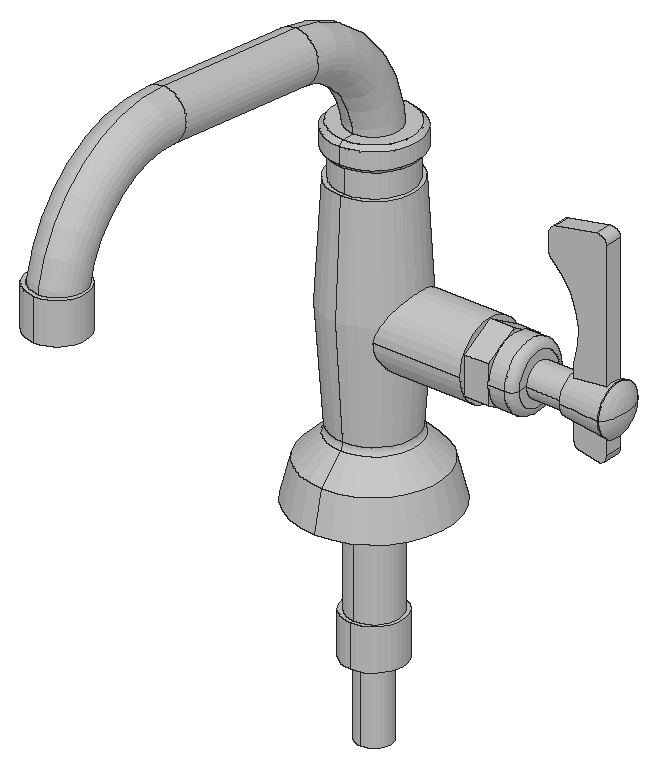
Revit family "Krowne_16-200L_DeckMount_Faucet", category Plumbing Fixtures, Revit 2018
Family settings
  Round Connector Dimension = Use Diameter
  Part Type = Normal
  OmniClass Number = 23.40.40.00
  OmniClass Title = Food Service Equipment and Furnishings
  Work Plane-Based = No
  Always vertical = Yes
  Cut with Voids When Loaded = No
  Shared = No
  Room Calculation Point = No
Parameters (values of type "DefaultType")
  Width = 4 5/8"
  Weight in Pounds = 5
  Watermarked By = ""
  Waste Water Discharge Temperature [instance] = -459.67 °F
  URL Cutsheet = ""
  URL = "https://krowne.com/"
  Status [instance] = ""
  Specification by User [instance] = ""
  Specification by Manufacturer [instance] = ""
  Serial Number [instance] = ""
  Revision Code [instance] = ""
  Plumbing Remarks [instance] = ""
  Plumbing Connection Type = ""
  NAFEM Spec ID Number [instance] = ""
  Model = "16-200L"
  Masterspec [instance] = ""
  Manufacturer = "Krowne Metal"
  KCLRef = "KCL2C9,,0004c5a6-0000-0000-0000-000000000307,KR,16-200L ,637111973020000000,0b5a23dc-0afa-4572-812e-9389d0aafc18,7f86267f-5c40-4964-9441-8f9d0db8d563"
  KCL SpecSheet URL = "http://kclweb.kclcad.com/imagehandler.ashx?kdoc=16-2xxl&R=KR&M=16-200L%20&VC=7&TID=KCLWeb&T=doc"
  Item Number [instance] = "-"
  Installed By [instance] = ""
  Hot Water Temperature = 100 °F
  Height = 3 3/8"
  Furnished By [instance] = ""
  Foodservice Equipment Identifier = yes
  Description = "Deck Mount Faucet"
  Depth = 4 7/16"
  Cold Water Temperature Recommended = -459.67 °F
  Cold Water Size = 1/2"
  Cold Water RI Height [instance] = 0"
  Cold Water Minimum Pressure = 0.00 psi
  Cold Water Maximum Pressure = 0.00 psi
  Cold Water Flow = 1.8 GPM
  Cold Water Consumption = ""
  Cold Water Connection Height = 0"
  CSI MasterFormat = ""
  Assembly Code = "E1090300"
Reference planes (in)
  plane 1 "BACK": y = 0.1875
  plane 2: z = 0
  plane 3 "LEFT": x = -13.69073
  plane 4 "CENTER L/R": x = -12.56573
  plane 5: y = -0.9375
  plane 6: z = 7.375
  plane 7: z = 5.125
  plane 8: y = -6.9375
  plane 9: z = 4.9375
  plane 10: z = 7.0625
  plane 11 "RIGHT": x = -8.87823
Forms (in)
  Sweep 1, solid, material "QF_Stainless-Polished"
    path origin (-12.56573, 0, 0) x (0, 1, 0) y (0, 0, 1)
      loop
        line (-0.9375, 4.375) -> (-0.9375, 4.92096)
        arc (-0.9375, 4.92096) -> (-1.37556, 6.07912) -> (-2.47044, 6.65745) r 1.75
        line (-2.47044, 6.65745) -> (-4.97044, 6.96995)
        arc (-4.97044, 6.96995) -> (-6.34565, 6.5454) -> (-6.9375, 5.23346) r 1.75
        line (-6.9375, 5.23346) -> (-6.9375, 4.9375)
    profile origin (-12.56573, -0.9375, 4.64798) x (0, -1, 0) y (1, 0, 0)
      loop
        circle (0, 0) r 0.375
      loop
        circle (0, 0) r 0.25
  Extrusion 2, solid, material "QF_Stainless-Polished"
    sketch origin (-12.56573, -6.9375, 4.9375) x (0, -1, 0) y (-1, 0, 0)
      loop
        circle (0, 0) r 0.375
      loop
        circle (0, 0) r 0.4375
    from 0 to -0.625
Lines and regions (in)
  symbolic lines
    curve 1: arc (-12.56573, -1.3125, 0) -> (-12.94073, -0.9375, 0) -> (-12.56573, -0.5625, 0) r 0.375
    curve 2: arc (-12.56573, -0.5625, 0) -> (-12.19073, -0.9375, 0) -> (-12.56573, -1.3125, 0) r 0.375
    curve 3: arc (-12.94073, -6.9375, 0) -> (-12.83089, -7.20267, 0) -> (-12.56573, -7.3125, 0) r 0.375
    curve 4: arc (-12.56573, -7.3125, 0) -> (-12.30056, -7.20267, 0) -> (-12.19073, -6.9375, 0) r 0.375
    curve 5: line (-12.94073, -6.9375, 0) -> (-12.94073, -0.9375, 0)
    curve 6: line (-12.19073, -0.9375, 0) -> (-12.19073, -6.9375, 0)
Dimensions and locks (in)
  plane 6 to plane 7 = 2 1/4"
  plane 8 to plane 5 = 6"
  plane 7 to plane 9 = 3/16"
  plane 5 to plane 1 "BACK" = 1 1/8"
  plane 10 to plane 7 = 1 15/16"
  aligned and locked: level to plane 2
  aligned and locked: plane 5 to nested 1
Nested families (in)
  nested 1: "QF_Krowne_16-2_Body" at (-0.1875, 0.1875, 0), type "QF_Krowne_16-2_Body"
Connectors (in)
  piping at (-12.56573, -0.9375, -3.25), diameter 0.5, driven by "Cold Water Flow", driven by "Cold Water Size"
    settings: on nested 1, index 1, connector inside diameter 24", connector length 0", flow factor 0, pipe flow 1.8 GPM, pressure drop 0.00 psi, fitting loss kfactor 0, connector angle 0.00°, fixture units 0, engagement length 0", angle of deflection 0.00°, flow configuration 1, flow direction 1, fitting loss method 0, system type 20, joint type 0, gender type 0, connector reference index -1, connector utility 0, adjustable connector no, is connector primary yes, connector description ""
Definition of nested family "QF_Krowne_16-2_Body"
  Parameters (values of type "QF_Krowne_16-2_Body")
    Width = 2 1/4"
    Watermarked By = ""
    Height = 3 7/8"
    Description = ""
    Depth = 2 1/4"
  Reference planes (in)
    plane 1 "BACK": y = 0
    plane 2: z = 0
    plane 3 "LEFT": x = -13.50323
    plane 4 "RIGHT": x = -11.25323
    plane 5 "Center": x = -12.37823
    plane 6 "FRONT": y = -2.25
    plane 7 "Faucet Handle Center": y = -1.125
    plane 8: z = 4.375
    plane 9: z = 4.75
    plane 10 "TOP": z = 5.125
    plane 11: z = 2.5
    plane 12: x = -10.56573
    plane 13: x = -8.69073
  Forms (in)
    Revolve 1, solid
      sketch origin (-12.37823, 0, 0) x (0, 1, 0) y (0, 0, 1)
        loop
          line (-1.125, 0) -> (0, 0) -> (-0.13978, 0.55911) -> (-0.49693, 0.91626)
          arc (-0.49693, 0.91626) -> (-0.5271, 0.96505) -> (-0.5323, 1.02217) r 0.125
          arc (-0.5323, 1.02217) -> (-0.40613, 2.69753) -> (-0.5, 4.375) r 12.82782
          line (-0.5, 4.375) -> (-1.125, 4.375) -> (-1.125, 0)
        axis (-1.125, 0) -> (-1.125, 4.375)
      angle from 0 to 360
    Revolve 2, solid
      sketch origin (-12.37823, 0, 0) x (0, 1, 0) y (0, 0, 1)
        loop
          line (-1.125, 5.125) -> (-1.125, 4.375) -> (-0.5625, 4.375) -> (-0.5625, 4.75) -> (-0.53067, 4.75) -> (-0.46817, 4.8125) -> (-0.46817, 5.0625) -> (-0.53067, 5.125) -> (-1.125, 5.125)
        axis (-1.125, 4.375) -> (-1.125, 5.125)
      angle from 0 to 360
    Extrusion 3, solid
      sketch origin (-12.37823, 0, 0) x (0, 1, 0) y (0, 0, 1)
        loop
          circle (-1.125, 2.5) r 0.5625
      from 0 to 1.75
    Revolve 4, solid
      sketch origin (-12.37823, 0, 0) x (0, 1, 0) y (0, 0, 1)
        loop
          line (-1.125, 0) -> (-1.125, -3.0198) -> (-0.9375, -3.0198) -> (-0.9375, -3.25) -> (-0.875, -3.25) -> (-0.875, -2.125) -> (-0.6875, -2.125) -> (-0.6875, -1.5) -> (-0.75, -1.5) -> (-0.75, 0) -> (-1.125, 0)
        axis (-1.125, 0) -> (-1.125, -3.25)
      angle from 0 to 360
  Lines and regions (in)
    symbolic lines
      curve 1: line (-10.62823, -0.5625, 1.0625) -> (-10.62823, -1.6875, 1.0625)
      curve 2: circle (-12.37823, -1.125, 0) r 1.125 normal (0, 0, 1)
      curve 3: circle (-12.37823, -1.125, 0) r 0.75 normal (0, 0, 1)
      curve 4: circle (-12.37823, -1.125, 0) r 0.59433 normal (0, 0, 1)
      curve 5: line (-10.62823, -0.5625, 0) -> (-11.40395, -0.5625, 0)
      curve 6: line (-10.62823, -1.6875, 0) -> (-11.40395, -1.6875, 0)
  Dimensions and locks (in)
    "Width": plane 3 "LEFT" to plane 4 "RIGHT"
    equal spacing: plane 3 "LEFT", plane 5 "Center", plane 4 "RIGHT"
    equal spacing: plane 6 "FRONT", plane 7 "Faucet Handle Center", plane 1 "BACK"
    "Depth": plane 6 "FRONT" to plane 1 "BACK"
    equal spacing: plane 10 "TOP", plane 9, plane 8
    locked: plane 10 "TOP" to plane 8 at 0.75
    plane 10 "TOP" to level = 5 1/8"
    plane 11 to level = 2 1/2"
    locked: plane 4 "RIGHT" to plane 12 at 0.6875
    plane 12 to plane 13 = 1 7/8"
    plane 3 "LEFT" to plane 13 = 4 13/16"
    aligned and locked: level to plane 2
    aligned and locked: plane 7 "Faucet Handle Center" to Revolve 1 sketch curve
    aligned and locked: Revolve 2 sketch curve to plane 7 "Faucet Handle Center"
    aligned and locked: Revolve 2 sketch curve to plane 8
    aligned and locked: plane 11 to nested 1
    aligned and locked: plane 7 "Faucet Handle Center" to nested 1
  Automatic sketch dimensions
    Revolve 2 sketch curve to plane 7 "Faucet Handle Center" = 0"
    Revolve 2 sketch curve to plane 9 = 0"
    Revolve 2 sketch curve to plane 10 "TOP" = 0"  (x2)
    Revolve 2 sketch curve to plane 8 = 0"
    plane 1 "BACK" to Revolve 2 sketch curve = 9/16"
    Revolve 2 sketch curve to Revolve 2 sketch curve = 0.03183"
    plane 1 "BACK" to Revolve 2 sketch curve = 0.53067"
    Revolve 2 sketch curve to Revolve 2 sketch curve = 1/16"
    plane 9 to Revolve 2 sketch curve = 1/16"
    Revolve 2 sketch curve to plane 10 "TOP" = 1/16"
    Extrusion 3 sketch curve to plane 7 "Faucet Handle Center" = 0"
    Extrusion 3 sketch curve to plane 11 = 0"
    curve 1 to plane 6 "FRONT" = 9/16"
    Revolve 1 sketch curve to level = 0"  (x2)
    Revolve 1 sketch curve to plane 7 "Faucet Handle Center" = 0"
    Revolve 1 sketch curve to plane 8 = 0"  (x2)
    Revolve 1 sketch curve to plane 1 "BACK" = 0"
    plane 11 to Revolve 1 sketch curve = 0.32111"
    plane 1 "BACK" to Revolve 1 sketch curve = 0.40854"
    plane 1 "BACK" to Revolve 1 sketch curve = 0.13978"
    level to Revolve 1 sketch curve = 0.55911"
    Revolve 1 sketch curve to Revolve 1 sketch curve = 0.44554"
    Revolve 1 sketch curve to Revolve 1 sketch curve = 0.12376"
    Revolve 1 sketch curve to Revolve 1 sketch curve = 0"
    Revolve 1 sketch curve to Revolve 1 sketch curve = 0.03538"
    Revolve 1 sketch curve to Revolve 1 sketch curve = 0.10592"
    curve 2 to curve 3 = 0"
    curve 2 to curve 4 = 0"  (x2)
    curve 3 to curve 4 = 0"
    curve 3 to plane 5 "Center" = 0"
    plane 7 "Faucet Handle Center" to curve 4 = 0"
    curve 5 to plane 4 "RIGHT" = 0.15072"
    curve 6 to plane 4 "RIGHT" = 0.15072"
    curve 6 to plane 12 = 1/16"
    curve 5 to plane 12 = 1/16"
    plane 1 "BACK" to curve 5 = 9/16"
    plane 1 "BACK" to curve 1 = 9/16"
    curve 1 to plane 12 = 1/16"
    Revolve 4 sketch curve to level = 0"  (x2)
    Revolve 4 sketch curve to plane 7 "Faucet Handle Center" = 0"  (x2)
    Revolve 4 sketch curve to plane 7 "Faucet Handle Center" = 3/8"
    Revolve 4 sketch curve to Revolve 4 sketch curve = 1/16"  (x2)
    Revolve 4 sketch curve to level = 1 1/2"
    Revolve 4 sketch curve to Revolve 4 sketch curve = 5/8"
    Revolve 4 sketch curve to Revolve 4 sketch curve = 3/16"
    Revolve 4 sketch curve to Revolve 4 sketch curve = 0.8948"
    Revolve 4 sketch curve to Revolve 4 sketch curve = 0.2302"  (x2)
    radius of Extrusion 3 sketch curve = 9/16"
    radius of curve 3 = 3/4"
    radius of curve 4 = 0.59433"
  Nested families (in)
    nested 1: "QF_Krowne_Faucet_Knob" at (-2.25, -0.21875, 2.5), type "QF_Krowne_Faucet_Knob"
  Definition of nested family "QF_Krowne_Faucet_Knob"
    Parameters (values of type "QF_Krowne_Faucet_Knob")
      Width = 12 3/4"
      Watermarked By = ""
      Height = 3 7/8"
      Description = ""
      Depth = 1 13/16"
    Reference planes (in)
      plane 1 "BACK": y = 0
      plane 2: z = 0
      plane 3 "Right of Handle": x = -8.37823
      plane 4 "FRONT": y = -1.8125
      plane 5 "Faucet Handle Center": y = -0.90625
      plane 6: y = -0.78125
      plane 7: y = -1.03125
    Forms (in)
      Extrusion 1, solid
        sketch origin (-8.37823, 0, 8.37823) x (0, 1, 0) y (0, 0, 1)
          loop
            line (-0.90625, -7.81573) -> (-1.39339, -8.09698) -> (-1.39339, -8.65948) -> (-0.90625, -8.94073) -> (-0.41911, -8.65948) -> (-0.41911, -8.09698) -> (-0.90625, -7.81573)
        from 0 to 0.375
      Revolve 2, solid
        sketch origin (-12.37823, 0, 0) x (0, 1, 0) y (-1, 0, 0)
          loop
            line (-0.90625, -4.375) -> (-0.90625, -4.75) -> (-0.53125, -4.75)
            arc (-0.53125, -4.75) -> (-0.44286, -4.71339) -> (-0.40625, -4.625) r 0.125
            line (-0.40625, -4.625) -> (-0.40625, -4.375) -> (-0.90625, -4.375)
          axis (-0.90625, -4.375) -> (-0.90625, -4.75)
        angle from 0 to 360
      Revolve 3, solid
        sketch origin (-12.37823, 0, 0) x (0, 1, 0) y (-1, 0, 0)
          loop
            line (-0.90625, -4.75) -> (-0.90625, -5.3125) -> (-0.65625, -5.3125) -> (-0.65625, -4.75) -> (-0.90625, -4.75)
          axis (-0.90625, -4.75) -> (-0.90625, -5.3125)
        angle from 0 to 360
      Revolve 4, solid
        sketch origin (-12.37823, 0, 0) x (0, 1, 0) y (-1, 0, 0)
          loop
            line (-0.90625, -5.3125) -> (-0.90625, -5.9375) -> (-0.53125, -5.9375) -> (-0.59375, -5.3125) -> (-0.90625, -5.3125)
          axis (-0.90625, -5.3125) -> (-0.90625, -5.9375)
        angle from 0 to 360
      Revolve 5, solid
        sketch origin (-12.37823, 0, 0) x (0, 1, 0) y (-1, 0, 0)
          loop
            line (-0.90625, -5.9375) -> (-0.90625, -6.0625)
            arc (-0.90625, -6.0625) -> (-0.70704, -6.03513) -> (-0.53125, -5.9375) r 0.54601
            line (-0.53125, -5.9375) -> (-0.90625, -5.9375)
          axis (-0.90625, -5.9375) -> (-0.90625, -6.0625)
        angle from 0 to 360
      Extrusion 6, solid
        sketch origin (-12.37823, -0.90625, 8.37823) x (0, 0, 1) y (-1, 0, 0)
          loop
            arc (-6.12823, -5.875) -> (-6.03156, -5.82925) -> (-6.00565, -5.72549) r 0.125
            line (-6.00565, -5.72549) -> (-6.13064, -5.10053)
            arc (-6.13064, -5.10053) -> (-6.17396, -5.02837) -> (-6.25321, -5.00004) r 0.125
            line (-6.25321, -5.00004) -> (-6.5031, -5.00004)
            arc (-6.5031, -5.00004) -> (-6.55588, -5.01173) -> (-6.59879, -5.04462) r 0.125
            arc (-6.59879, -5.04462) -> (-7.17151, -5.40979) -> (-7.85017, -5.38199) r 1.13354
            arc (-7.85017, -5.38199) -> (-7.871, -5.37648) -> (-7.89247, -5.37462) r 0.125
            line (-7.89247, -5.37462) -> (-8.92568, -5.37462)
            arc (-8.92568, -5.37462) -> (-9.00493, -5.40295) -> (-9.04825, -5.47511) r 0.125
            line (-9.04825, -5.47511) -> (-9.09832, -5.72549)
            arc (-9.09832, -5.72549) -> (-9.07242, -5.82925) -> (-8.97575, -5.875) r 0.125
            line (-8.97575, -5.875) -> (-6.12823, -5.875)
        from -0.125 to 0.125
    Lines and regions (in)
      symbolic lines
        curve 1: line (-8.37823, -1.39339, 1.0625) -> (-8.37823, -0.41911, 1.0625)
        curve 2: line (-8.00323, -0.41911, 1.0625) -> (-8.00323, -1.39339, 1.0625)
        curve 3: line (-7.62823, -0.54411, 1.0625) -> (-7.62823, -1.26839, 1.0625)
        curve 4: line (-7.75323, -0.41911, 1.0625) -> (-8.37823, -0.41911, 1.0625)
        curve 5: line (-8.37823, -1.39339, 1.0625) -> (-7.75323, -1.39339, 1.0625)
        curve 6: line (-7.06573, -0.59375, 1.0625) -> (-7.06573, -1.21875, 1.0625)
        curve 7: line (-6.44073, -0.53125, 1.0625) -> (-6.44073, -1.28125, 1.0625)
        curve 8: arc (-7.62823, -0.54411, 1.0625) -> (-7.66484, -0.45572, 1.0625) -> (-7.75323, -0.41911, 1.0625) r 0.125
        curve 9: arc (-7.75323, -1.39339, 1.0625) -> (-7.66484, -1.35678, 1.0625) -> (-7.62823, -1.26839, 1.0625) r 0.125
        curve 10: line (-7.06573, -0.59375, 1.0625) -> (-6.44073, -0.53125, 1.0625)
        curve 11: line (-7.06573, -1.21875, 1.0625) -> (-6.44073, -1.28125, 1.0625)
        curve 12: arc (-6.44073, -1.28125, 1.0625) -> (-6.2854, -0.90625, 1.0625) -> (-6.44073, -0.53125, 1.0625) r 0.53035
        curve 13: line (-7.62823, -0.66911, 1.0625) -> (-7.06573, -0.66911, 1.0625)
        curve 14: line (-7.62823, -1.14339, 1.0625) -> (-7.06573, -1.14339, 1.0625)
    Dimensions and locks (in)
      equal spacing: plane 4 "FRONT", plane 5 "Faucet Handle Center", plane 1 "BACK"
      equal spacing: plane 7, plane 5 "Faucet Handle Center", plane 6
      locked: plane 7 to plane 6 at 0.25
      "Depth": plane 4 "FRONT" to plane 1 "BACK"
      aligned and locked: level to plane 2
      aligned and locked: Revolve 2 sketch curve to Extrusion 1
      aligned and locked: Revolve 4 sketch curve to Revolve 4 sketch curve
    Automatic sketch dimensions
      Extrusion 1 sketch curve to plane 5 "Faucet Handle Center" = 0"  (x2)
      Extrusion 1 sketch curve to level = 9/32"  (x2)
      plane 7 to Extrusion 1 sketch curve = 0.36214"
      Extrusion 1 sketch curve to plane 6 = 0.36214"
      Extrusion 1 sketch curve to level = 9/16"
      level to Extrusion 1 sketch curve = 9/32"  (x2)
      Extrusion 1 sketch curve to Extrusion 1 sketch curve = 9/32"
      plane 5 "Faucet Handle Center" to Revolve 2 sketch curve = 0"  (x2)
      Revolve 2 sketch curve to plane 6 = 1/4"
      Revolve 2 sketch curve to Revolve 2 sketch curve = 1/8"
      Revolve 2 sketch curve to Revolve 2 sketch curve = 0"  (x2)
      Revolve 2 sketch curve to Revolve 2 sketch curve = 1/4"
      plane 5 "Faucet Handle Center" to Revolve 3 sketch curve = 0"  (x2)
      Revolve 3 sketch curve to plane 6 = 1/8"
      plane 3 "Right of Handle" to Revolve 3 sketch curve = 1 5/16"
      Revolve 3 sketch curve to Revolve 3 sketch curve = 9/16"
      Revolve 3 sketch curve to Revolve 3 sketch curve = 0"
      Revolve 3 sketch curve to Revolve 3 sketch curve = 3/8"
      plane 5 "Faucet Handle Center" to Revolve 4 sketch curve = 0"
      Revolve 4 sketch curve to plane 6 = 3/16"
      Revolve 4 sketch curve to plane 6 = 1/4"
      plane 3 "Right of Handle" to Revolve 4 sketch curve = 1 15/16"
      Revolve 4 sketch curve to Revolve 4 sketch curve = 5/8"
      Revolve 4 sketch curve to Revolve 4 sketch curve = 0"  (x2)
      plane 5 "Faucet Handle Center" to Revolve 5 sketch curve = 0"  (x2)
      Revolve 5 sketch curve to plane 5 "Faucet Handle Center" = 0.02655"
      Revolve 5 sketch curve to plane 6 = 1/4"
      plane 3 "Right of Handle" to Revolve 5 sketch curve = 2 1/16"
      Revolve 5 sketch curve to Revolve 5 sketch curve = 1/8"
      Revolve 5 sketch curve to Revolve 5 sketch curve = 0"  (x2)
      Extrusion 6 sketch curve to level = 0.7201"
      Extrusion 6 sketch curve to Extrusion 6 sketch curve = 0.05007"
      Extrusion 6 sketch curve to Extrusion 6 sketch curve = 0.12257"  (x4)
      level to Extrusion 6 sketch curve = 0.48575"
      level to Extrusion 6 sketch curve = 0.91165"
      Extrusion 6 sketch curve to Extrusion 6 sketch curve = 0.96348"
      Extrusion 6 sketch curve to Extrusion 6 sketch curve = 0.24989"
      Extrusion 6 sketch curve to Extrusion 6 sketch curve = 1/8"  (x3)
      plane 3 "Right of Handle" to Extrusion 6 sketch curve = 1 7/8"
      Extrusion 6 sketch curve to Extrusion 6 sketch curve = 0.25038"
      Extrusion 6 sketch curve to Extrusion 6 sketch curve = 0"  (x3)
      Extrusion 6 sketch curve to Extrusion 6 sketch curve = 0.02451"  (x2)
      Extrusion 6 sketch curve to Extrusion 6 sketch curve = 0.62496"
      Extrusion 6 sketch curve to Extrusion 6 sketch curve = 1.05929"
      curve 5 to plane 3 "Right of Handle" = 0"
      plane 5 "Faucet Handle Center" to curve 12 = 0"
      plane 7 to curve 11 = 3/16"
      plane 7 to curve 9 = 0.23714"
      plane 7 to curve 7 = 1/4"
      plane 7 to curve 1 = 0.36214"
      curve 6 to plane 6 = 3/16"
      curve 8 to plane 6 = 0.23714"
      curve 4 to plane 6 = 0.36214"
      curve 4 to curve 1 = 5/8"
      curve 10 to curve 8 = 9/16"
      curve 12 to curve 13 = 0.24997"
      curve 7 to curve 12 = 0.37503"
      curve 6 to curve 14 = 0.07536"
      curve 13 to plane 6 = 0.11214"
      curve 4 to curve 2 = 1/4"
